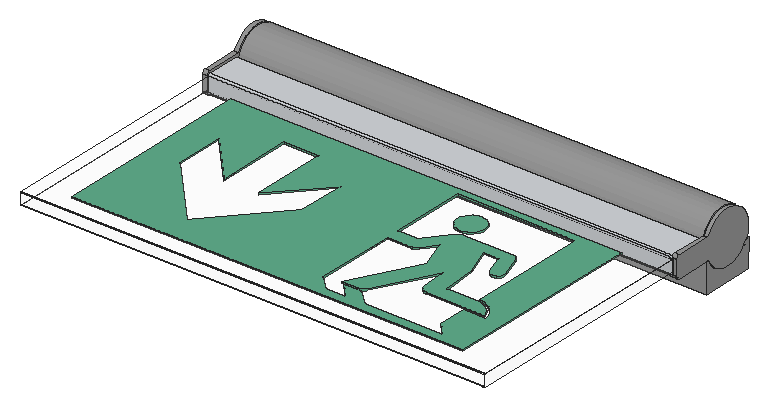
Revit family "41759", category Lighting Fixtures, host Face, Revit 2018
Family settings
  Host = Face
  Round Connector Dimension = Use Diameter
  Part Type = Normal
  OmniClass Number = 23.80.70.00
  OmniClass Title = Lighting
  Cut with Voids When Loaded = No
  Light Source = No
  Shared = No
  Room Calculation Point = No
Parameters (values of type "0041759 SYLSAFE EXIT-MOD EX 9 EM3 MT DA ")
  Width_SYL = 34 mm
  Weight = "n/a"
  Wattage Comments = ""
  WarrantyStartDate [instance] = "n/a"
  WarrantyGuarantorParts = "n/a"
  WarrantyDurationUnit = "n/a"
  WarrantyDurationParts = ""
  WarrantyDescription = "http://www.sylvania-lighting.com"
  Voltage = 0 V
  URL = "0.49"
  TypeSign_SYL = SylSafe EXIT Sign : Exit Arrow Down
  TypeName = "SylSafe Exit-Mod EX 9 EM3 MT DA"
  Type Image = <None>
  Type Comments = "n/a"
  SerialNumber [instance] = "n/a"
  RotationAngle_SYL [instance] = -90.00°
  RotatableArmThickness_SYL = 3 mm
  RadiusBody_SYL = Width_SYL / 2  # 17 mm
  Material_3_SYL = none
  PowerFactor = 0.6
  PowerConsumption = "Lighting"
  NominalLength = 101 mm
  NominalHeight = 234 mm
  NominalDepth = 18 mm
  Name = "SylSafe Exit-Mod EX 9 EM3 MT DA"
  ModelReference = Name  # "SylSafe Exit-Mod EX 9 EM3 MT DA"
  ModelNumber = "0041759"
  Model = Name  # "SylSafe Exit-Mod EX 9 EM3 MT DA"
  Material = "Feilo Sylvania"
  ManufacturerName = "0 lm/W"
  Manufacturer = ""
  LuminousEfficacy = ""
  LuminaireType = "0"
  LightOutputRatio = "LED"
  Length_SYL = 308 mm
  LampsType = Lamp  # "n/a"
  LampNominalLuminous = "0 K"
  LampMacAdamStep = "0"
  LampColourTemperature = "LED"
  LampColourRenderingIndex = "16500"
  Lamp = "n/a"
  Keynote = "n/a"
  InstallationDate [instance] = "n/a"
  InputVoltage = "0"
  InputNominalFrequency = "0"
  IngressProtection = "IfcLightFixtureType"
  ImpactProtectionIndex = "IfcLightFixtureType"
  IfcExportType = "IfcLightFixtureType"
  IfcExportAs = "Class II"
  ExpectedLife = 50000
  EndAngle_SYL [instance] = RotationAngle_SYL + 180.00°  # 90.00°
  ElectricShockClassification = "0"
  DurationUnit = "hours"
  DocumentationLiterature = "http://www.sylvania-lighting.com/product/en-int/products/0041759"
  DimmingControlOptions = "n/a"
  Material_2_SYL = none
  Description = "SylSafe Exit-Mod EX 9 EM3 MT DA is a wall mounted emergency exit sign. Comes with ISO7010 compliant legend pack. Arrows left, right, up, down and a blank sheet for single sided versions. EC legend pack is available as accessory. Viewing distance 26m. White housing colour.  Maintained 3hr emergency operation with NiMH rechargeable battery. Recharge period 24 hours. Self testing with DALI monitoring capability. 4.9W, IK03, IP20. Power Factor 0.49. Class II electrical construction."
  Default Elevation = 1219.2 mm
  CreatedOn = "30/06/2021"
  CreatedBy = "@sylvania-lighting.com"
  Cost = 0
  built-in parameter 1114216 [instance] = (empty or 0)
  ClassificationValue = "EF_70_80"
  ClassificationName = "Uniclass2015"
  Material_1_SYL = PC/ABS Plastic
  BarCode [instance] = "n/a"
  AssetType = "Fixed"
  AssetIdentifier [instance] = "n/a"
  Assembly Code = "D5020200"
  Apparent Load = 4.9 VA
  Material_4_SYL = none
Reference planes
  plane 1 "Center (Front/Back)": y = 0
  plane 2: z = 0
  plane 3 "Center (Left/Right)": x = 0
  plane 4: y = 17
  plane 5: y = -17
  plane 6: z = 25.937
  plane 7: x = -154
  plane 8: x = 154
  plane 9: x = -151
  plane 10: x = 151
  plane 11: z = 18.937
Forms (mm)
  Extrusion 1, solid, material "PC/ABS Plastic" <- "Material_1_SYL"
    sketch origin (0, 0, 0) x (0, 1, 0) y (0, 0, 1)
      loop
        line (-17, 0) -> (17, 0) -> (17, 25.937)
        arc (17, 25.937) -> (0, 42.937) -> (-17, 25.937) r 17
        line (-17, 25.937) -> (-17, 0)
    from -154 to 154
  Extrusion 2, void
    sketch origin (0, 0, 0) x (0, 1, 0) y (0, 0, 1)
      loop
        arc (-15.492, 18.937) -> (0, 8.937) -> (15.492, 18.937) r 17
        line (15.492, 18.937) -> (17, 18.937) -> (17, 25.937)
        arc (17, 25.937) -> (0, 42.937) -> (-17, 25.937) r 17
        line (-17, 25.937) -> (-17, 18.937) -> (-15.492, 18.937)
    from 151 to 154
  Extrusion 3, void
    sketch origin (0, 0, 0) x (0, 1, 0) y (0, 0, 1)
      loop
        arc (-15.492, 18.937) -> (0, 8.937) -> (15.492, 18.937) r 17
        line (15.492, 18.937) -> (17, 18.937) -> (17, 25.937)
        arc (17, 25.937) -> (0, 42.937) -> (-17, 25.937) r 17
        line (-17, 25.937) -> (-17, 18.937) -> (-15.492, 18.937)
    from -154 to -151
  Revolve 4, solid, not visible
    sketch origin (0, 1219.2, 25.937) x (1, 0, 0) y (0, 1, 0)
      loop
        line (0, -1219.2) -> (0, -1209.2) -> (-54.574, -1209.2) -> (-54.574, -1219.2) -> (0, -1219.2)
      axis (0, -1219.2) -> (-54.574, -1219.2)
    angle from -90 <- "RotationAngle_SYL" to 90 <- "EndAngle_SYL"
Cuts and joins
  Extrusion 2, Extrusion 3 cuts Extrusion 1
Lines and regions (mm)
  reference lines
    curve 1: circle (0, 0, 25.937) r 17 normal (1, 0, 0)
Dimensions and locks
  locked: plane 6 to plane 2 at 25.938
  equal spacing: plane 5, plane 1 "Center (Front/Back)", plane 4
  "Width_SYL": plane 5 to plane 4
  equal spacing: plane 8, plane 3 "Center (Left/Right)", plane 7
  equal spacing: plane 10, plane 3 "Center (Left/Right)", plane 9
  "Length_SYL": plane 8 to plane 7
  "RotatableArmThickness_SYL": plane 9 to plane 7
  locked: plane 11 to plane 6 at 7
  "RadiusBody_SYL": radius of curve 1
  aligned and locked: plane 2 to host face
  aligned and locked: level to host face
  aligned and locked: plane 1 "Center (Front/Back)" to curve 1
  aligned and locked: plane 6 to curve 1
  aligned and locked: Extrusion 1 sketch curve to level
  aligned and locked: Extrusion 1 sketch curve to plane 4
  aligned and locked: Extrusion 1 sketch curve to curve 1
  aligned and locked: plane 8 to Extrusion 1
  aligned and locked: Extrusion 1 to plane 7
  aligned and locked: plane 8 to Extrusion 2
  aligned and locked: Extrusion 2 to plane 10
  aligned and locked: Extrusion 3 to plane 7
  aligned and locked: plane 9 to Extrusion 3
  aligned and locked: Extrusion 3 sketch curve to curve 1
  aligned and locked: Extrusion 3 sketch curve to plane 4
  aligned and locked: Extrusion 3 sketch curve to plane 5
  aligned and locked: Extrusion 3 sketch curve to plane 11
  aligned and locked: Extrusion 2 sketch curve to curve 1
  aligned and locked: Extrusion 2 sketch curve to plane 4
  aligned and locked: Extrusion 2 sketch curve to plane 5
  aligned and locked: Extrusion 2 sketch curve to plane 11
  aligned and locked: plane 11 to Extrusion 2 sketch curve
  aligned and locked: Extrusion 2 sketch curve to cut or joined group of Extrusion 1, Extrusion 2, Extrusion 3
  aligned and locked: Revolve 4 sketch curve to plane 1 "Center (Front/Back)"
  aligned and locked: Revolve 4 sketch curve to curve 1  (x2)
  aligned and locked: nested 1 to plane 3 "Center (Left/Right)"
Automatic sketch dimensions
  host sketch curve to host sketch curve = 2438.4 mm  (x2)
  plane 6 to Extrusion 1 sketch curve = 0 mm
  plane 11 to Extrusion 3 sketch curve = 0 mm  (x2)
  Extrusion 3 sketch curve to plane 6 = 0 mm
  Extrusion 3 sketch curve to Extrusion 3 sketch curve = 0 mm
  plane 1 "Center (Front/Back)" to Revolve 4 sketch curve = 0 mm
  Revolve 4 sketch curve to plane 3 "Center (Left/Right)" = 54.574 mm
  plane 4 to Revolve 4 sketch curve = 7 mm
  Revolve 4 sketch curve to plane 7 = 1370 mm
  plane 8 to Revolve 4 sketch curve = 1370 mm
Nested families
  nested 1: "SylSafe EXIT Sign" at (0, 0, 25.937) x (-1, 0, 0) z (0, -1, 0), type <- "TypeSign_SYL", type "Exit Arrow Down"
    with built-in parameter 1114216 (empty or 0)
Definition of nested family "SylSafe EXIT Sign"
  Parameters (values of type "Exit Arrow Up")
    WidthArmSign_SYL = 34 mm
    Wattage Comments = "n/a"
    Wattage = 2.2 W
    built-in parameter 1150110 = 1 (stored number, unit not read)
    Up_SYL = yes
    URL = "http://www.sylvania-lighting.com"
    Type Image = (empty or 0)
    Type Comments = "n/a"
    built-in parameter 1114217 = 1 (stored number, unit not read)
    ThicknessLabel_SYL = 0.8 mm
    ThicknessArmSign_SYL = 3 mm
    built-in parameter 1150109 = 1 (stored number, unit not read)
    built-in parameter 1150134 = 5
    built-in parameter 1150113 = 1 (stored number, unit not read)
    Right_SYL = no
    RadiusArmSign_SYL = WidthArmSign_SYL / 2  # 17 mm
    Material_3_SYL = none
    Model = ""
    Manufacturer = "Feilo Sylvania"
    built-in parameter 1150105 = 70.028 (stored number, unit not read)
    Lumens = 220 lm
    built-in parameter 1150115 = 1 (stored number, unit not read)
    Light Source Symbol Size = 100 mm
    built-in parameter 1150137 = (empty or 0)
    built-in parameter 1150139 = (empty or 0)
    LengthSign_SYL = 308 mm
    Left_SYL = no
    built-in parameter 1150112 = 1 (stored number, unit not read)
    built-in parameter 1150114 = 1 (stored number, unit not read)
    Lamp = "LED"
    Keynote = "16500"
    Material_2_SYL = none
    built-in parameter 1150132 = (empty or 0)
    built-in parameter 1150102 = (empty or 0)
    built-in parameter 1150107 = 6000 (stored number, unit not read)
    built-in parameter 1150138 = (empty or 0)
    built-in parameter 1150106 = 0.70028 (stored number, unit not read)
    Emit from Line Length = LengthSign_SYL - 2 * ThicknessArmSign_SYL  # 302 mm
    built-in parameter 1150104 = 9.2903 (stored number, unit not read)
    Down_SYL = no
    Dimming Lamp Color Temperature Shift = (empty or 0)
    Description = ""
    Default Elevation = 1219.2 mm
    Cost = 0
    Color Filter = 16777215
    built-in parameter 1114216 [instance] = (empty or 0)
    Material_1_SYL = none
    built-in parameter 1114218 = 1 (stored number, unit not read)
    built-in parameter 1150133 = 10 (stored number, unit not read)
    Assembly Code = "D5020200"
    Apparent Load = 2.2 VA
    Material_4_SYL = none
  Types (4, lengths in mm): name | Up_SYL | Right_SYL | Left_SYL | Down_SYL | Apparent Load
    Exit Arrow Right | no | yes | no | no | 2.2 VA
    Exit Arrow Left | no | no | yes | no | 2.2 VA
    Exit Arrow Up | yes | no | no | no | 2.2 VA
    Exit Arrow Down | no | no | no | yes | 0 VA
  Reference planes
    plane 1 "Center (Front/Back)": y = 0
    plane 2: z = 0
    plane 3 "Center (Left/Right)": x = 0
    plane 4: x = 154
    plane 5: x = -154
    plane 6: x = -151
    plane 7: x = 151
    plane 8: y = 17
    plane 9: y = -17
    plane 10: y = -7
    plane 11: y = 7
    plane 12: z = 40.75
    plane 13: z = 192.937
    plane 14: y = 4
    plane 15: y = -4
    plane 16: z = 17.812
    plane 17: y = -6
    plane 18: y = 6
    plane 19: x = -127
    plane 20: x = 127
    plane 21: z = 116.844
    plane 22: z = 181.344
    plane 23: z = 52.344
    plane 24: x = 69
    plane 25: y = -4.8
  Forms (mm)
    Extrusion 1, solid
      sketch origin (4.2, 0, 0) x (1, 0, 0) y (0, 1, 0)
        loop
          line (-1219.2, 1219.2) -> (-1219.2, -1219.2) -> (1219.2, -1219.2) -> (1219.2, 1219.2) -> (-1219.2, 1219.2)
      from 0 to -68.017
    Extrusion 2, solid, material <- "Material_1_SYL"
      sketch origin (0, 0, 0) x (0, 1, 0) y (0, 0, 1)
        loop
          arc (-7, 15.492) -> (0, -17) -> (7, 15.492) r 17
          line (7, 15.492) -> (7, 38.75)
          arc (7, 38.75) -> (6.414, 40.164) -> (5, 40.75) r 2
          line (5, 40.75) -> (-5, 40.75)
          arc (-5, 40.75) -> (-6.414, 40.164) -> (-7, 38.75) r 2
          line (-7, 38.75) -> (-7, 15.492)
      from 151 to 154
    Extrusion 3, solid, material <- "Material_1_SYL"
      sketch origin (0, 0, 0) x (0, 1, 0) y (0, 0, 1)
        loop
          line (7, 15.492) -> (7, 38.75)
          arc (7, 38.75) -> (6.414, 40.164) -> (5, 40.75) r 2
          line (5, 40.75) -> (-5, 40.75)
          arc (-5, 40.75) -> (-6.414, 40.164) -> (-7, 38.75) r 2
          line (-7, 38.75) -> (-7, 15.492)
          arc (-7, 15.492) -> (0, -17) -> (7, 15.492) r 17
      from -154 to -151
    Extrusion 4, solid
      sketch origin (0, 0, 0) x (0, 1, 0) y (0, 0, 1)
        loop
          arc (-5, 40.75) -> (-5.707, 40.457) -> (-6, 39.75) r 1
          line (-6, 39.75) -> (-6, 17.812) -> (6, 17.812) -> (6, 39.75)
          arc (6, 39.75) -> (5.707, 40.457) -> (5, 40.75) r 1
          line (5, 40.75) -> (-5, 40.75)
      from -151 to 151
    Extrusion 5, solid, material <- "Material_3_SYL"
      sketch origin (0, 0, 0) x (0, 1, 0) y (0, 0, 1)
        loop
          line (-4, 40.75) -> (4, 40.75) -> (4, 192.437)
          arc (4, 192.437) -> (3.854, 192.791) -> (3.5, 192.937) r 0.5
          line (3.5, 192.937) -> (-3.5, 192.937)
          arc (-3.5, 192.937) -> (-3.854, 192.791) -> (-4, 192.437) r 0.5
          line (-4, 192.437) -> (-4, 40.75)
      from -151 to 151
    Extrusion 6, solid, material <- "Material_2_SYL", visible <- "Left_SYL"
      sketch origin (351.989, -4, 160.163) x (0, 0, -1) y (1, 0, 0)
        loop
          circle (83.224, -400.985) r 8.928
        loop
          line (103.064, -376.624) -> (54.298, -376.624) -> (54.298, -389.842) -> (68.839, -400.8)
          arc (68.839, -400.8) -> (70.752, -403.1) -> (71.438, -406.013) r 6.527
          line (71.438, -406.013) -> (71.438, -437.202)
          arc (71.438, -437.202) -> (70.533, -440.07) -> (68.148, -441.9) r 5
          line (68.148, -441.9) -> (54.122, -447.006)
          arc (54.122, -447.006) -> (48.704, -444.479) -> (51.23, -439.062) r 4.227
          line (51.23, -439.062) -> (63.917, -434.444) -> (63.917, -424.745) -> (45.498, -431.449) -> (22.611, -433.451) -> (22.611, -453.451)
          arc (22.611, -453.451) -> (20.093, -461.05) -> (13.536, -465.642) r 12.726
          line (13.536, -465.642) -> (13.536, -427.917)
          arc (13.536, -427.917) -> (14.85, -424.539) -> (18.101, -422.936) r 5
          line (18.101, -422.936) -> (34.389, -421.511) -> (-1.786, -402.276)
          arc (-1.786, -402.276) -> (-3.724, -400.437) -> (-4.439, -397.862) r 5
          line (-4.439, -397.862) -> (-4.439, -387.433) -> (36.957, -409.444) -> (56.364, -402.38) -> (48.001, -396.079)
          arc (48.001, -396.079) -> (46.372, -394.119) -> (45.788, -391.639) r 5.559
          line (45.788, -391.639) -> (45.788, -376.624) -> (-6.717, -376.624) -> (-15.183, -385.09) -> (-15.183, -398.574) -> (-6.18, -389.57) -> (-6.18, -399.078)
          arc (-6.18, -399.078) -> (-6.609, -401.235) -> (-7.83, -403.063) r 5.636
          line (-7.83, -403.063) -> (-15.183, -410.416) -> (-15.183, -461.609) -> (-7.025, -453.451) -> (11.73, -453.451) -> (11.73, -468.109)
          arc (11.73, -468.109) -> (20.743, -463.076) -> (24.473, -453.451) r 15.223
          line (24.473, -453.451) -> (103.064, -453.451) -> (103.064, -376.624)
        loop
          line (107.819, -224.989) -> (-21.181, -224.989) -> (-21.181, -478.989) -> (107.819, -478.989) -> (107.819, -224.989)
        loop
          line (54.815, -332.184) -> (54.815, -282.989) -> (82.944, -314.229) -> (82.944, -282.989) -> (43.319, -238.982) -> (3.695, -282.989) -> (3.695, -314.229) -> (31.823, -282.989) -> (31.823, -332.184) -> (54.815, -332.184)
      from 0 to 0.8
    Extrusion 7, solid, material <- "Material_2_SYL", visible <- "Up_SYL"
      sketch origin (0, -4, -609.6) x (0, 0, -1) y (1, 0, 0)
        loop
          line (-784.946, -33.101) -> (-784.946, -46.585) -> (-775.943, -37.581) -> (-775.943, -47.089)
          arc (-775.943, -47.089) -> (-776.372, -49.246) -> (-777.593, -51.074) r 5.636
          line (-777.593, -51.074) -> (-784.946, -58.427) -> (-784.946, -109.62) -> (-776.788, -101.462) -> (-758.032, -101.462) -> (-758.032, -116.12)
          arc (-758.032, -116.12) -> (-749.02, -111.087) -> (-745.29, -101.462) r 15.223
          line (-745.29, -101.462) -> (-666.699, -101.462) -> (-666.699, -24.635) -> (-715.465, -24.635) -> (-715.465, -37.853) -> (-700.924, -48.811)
          arc (-700.924, -48.811) -> (-699.011, -51.111) -> (-698.325, -54.024) r 6.527
          line (-698.325, -54.024) -> (-698.325, -85.213)
          arc (-698.325, -85.213) -> (-699.23, -88.081) -> (-701.615, -89.912) r 5
          line (-701.615, -89.912) -> (-715.641, -95.017)
          arc (-715.641, -95.017) -> (-721.059, -92.49) -> (-718.533, -87.073) r 4.227
          line (-718.533, -87.073) -> (-705.846, -82.455) -> (-705.846, -72.756) -> (-724.265, -79.46) -> (-747.152, -81.462) -> (-747.152, -101.462)
          arc (-747.152, -101.462) -> (-749.67, -109.061) -> (-756.227, -113.653) r 12.726
          line (-756.227, -113.653) -> (-756.227, -75.928)
          arc (-756.227, -75.928) -> (-754.913, -72.55) -> (-751.662, -70.947) r 5
          line (-751.662, -70.947) -> (-735.374, -69.522) -> (-771.549, -50.287)
          arc (-771.549, -50.287) -> (-773.487, -48.448) -> (-774.202, -45.873) r 5
          line (-774.202, -45.873) -> (-774.202, -35.444) -> (-732.806, -57.455) -> (-713.399, -50.391) -> (-721.762, -44.09)
          arc (-721.762, -44.09) -> (-723.391, -42.13) -> (-723.975, -39.65) r 5.559
          line (-723.975, -39.65) -> (-723.975, -24.635) -> (-776.48, -24.635) -> (-784.946, -33.101)
        loop
          circle (-686.539, -48.996) r 8.928
        loop
          line (-723.85, 77.902) -> (-773.045, 77.902) -> (-773.045, 54.91) -> (-723.85, 54.91) -> (-755.09, 26.782) -> (-723.85, 26.782) -> (-679.843, 66.406) -> (-723.85, 106.031) -> (-755.09, 106.031) -> (-723.85, 77.902)
        loop
          line (-790.944, -127) -> (-661.944, -127) -> (-661.944, 127) -> (-790.944, 127) -> (-790.944, -127)
      from 0 to 0.8
    Extrusion 8, solid, material <- "Material_2_SYL", visible <- "Down_SYL"
      sketch origin (0, -4, -609.6) x (0, 0, -1) y (1, 0, 0)
        loop
          line (-715.465, -37.853) -> (-700.924, -48.811)
          arc (-700.924, -48.811) -> (-699.011, -51.111) -> (-698.325, -54.024) r 6.527
          line (-698.325, -54.024) -> (-698.325, -85.213)
          arc (-698.325, -85.213) -> (-699.23, -88.081) -> (-701.615, -89.912) r 5
          line (-701.615, -89.912) -> (-715.641, -95.017)
          arc (-715.641, -95.017) -> (-721.059, -92.49) -> (-718.533, -87.073) r 4.227
          line (-718.533, -87.073) -> (-705.846, -82.455) -> (-705.846, -72.756) -> (-724.265, -79.46) -> (-747.152, -81.462) -> (-747.152, -101.462)
          arc (-747.152, -101.462) -> (-749.67, -109.061) -> (-756.227, -113.653) r 12.726
          line (-756.227, -113.653) -> (-756.227, -75.928)
          arc (-756.227, -75.928) -> (-754.913, -72.55) -> (-751.662, -70.947) r 5
          line (-751.662, -70.947) -> (-735.374, -69.522) -> (-771.549, -50.287)
          arc (-771.549, -50.287) -> (-773.487, -48.448) -> (-774.202, -45.873) r 5
          line (-774.202, -45.873) -> (-774.202, -35.444) -> (-732.806, -57.455) -> (-713.399, -50.391) -> (-721.762, -44.09)
          arc (-721.762, -44.09) -> (-723.391, -42.13) -> (-723.975, -39.65) r 5.559
          line (-723.975, -39.65) -> (-723.975, -24.635) -> (-776.48, -24.635) -> (-784.946, -33.101) -> (-784.946, -46.585) -> (-775.943, -37.581) -> (-775.943, -47.089)
          arc (-775.943, -47.089) -> (-776.372, -49.246) -> (-777.593, -51.074) r 5.636
          line (-777.593, -51.074) -> (-784.946, -58.427) -> (-784.946, -109.62) -> (-776.788, -101.462) -> (-758.032, -101.462) -> (-758.032, -116.12)
          arc (-758.032, -116.12) -> (-749.02, -111.087) -> (-745.29, -101.462) r 15.223
          line (-745.29, -101.462) -> (-666.699, -101.462) -> (-666.699, -24.635) -> (-715.465, -24.635) -> (-715.465, -37.853)
        loop
          circle (-686.539, -48.996) r 8.928
        loop
          line (-790.944, -127) -> (-661.944, -127) -> (-661.944, 127) -> (-790.944, 127) -> (-790.944, -127)
        loop
          line (-679.843, 54.91) -> (-679.843, 77.902) -> (-729.038, 77.902) -> (-697.798, 106.031) -> (-729.038, 106.031) -> (-773.045, 66.406) -> (-729.038, 26.782) -> (-697.798, 26.782) -> (-729.038, 54.91) -> (-679.843, 54.91)
      from 0 to 0.8
    Extrusion 9, solid, material <- "Material_2_SYL", visible <- "Right_SYL"
      sketch origin (0, -4, -609.6) x (0, 0, -1) y (1, 0, 0)
        loop
          line (-732.806, 57.455) -> (-774.202, 35.444) -> (-774.202, 45.873)
          arc (-774.202, 45.873) -> (-773.487, 48.448) -> (-771.549, 50.287) r 5
          line (-771.549, 50.287) -> (-735.374, 69.522) -> (-751.662, 70.947)
          arc (-751.662, 70.947) -> (-754.913, 72.55) -> (-756.227, 75.928) r 5
          line (-756.227, 75.928) -> (-756.227, 113.653)
          arc (-756.227, 113.653) -> (-749.67, 109.061) -> (-747.152, 101.462) r 12.726
          line (-747.152, 101.462) -> (-747.152, 81.462) -> (-724.265, 79.46) -> (-705.846, 72.756) -> (-705.846, 82.455) -> (-718.533, 87.073)
          arc (-718.533, 87.073) -> (-721.059, 92.49) -> (-715.641, 95.017) r 4.227
          line (-715.641, 95.017) -> (-701.615, 89.912)
          arc (-701.615, 89.912) -> (-699.23, 88.081) -> (-698.325, 85.213) r 5
          line (-698.325, 85.213) -> (-698.325, 54.024)
          arc (-698.325, 54.024) -> (-699.011, 51.111) -> (-700.924, 48.811) r 6.527
          line (-700.924, 48.811) -> (-715.465, 37.853) -> (-715.465, 24.635) -> (-666.699, 24.635) -> (-666.699, 101.462) -> (-745.29, 101.462)
          arc (-745.29, 101.462) -> (-749.02, 111.087) -> (-758.032, 116.12) r 15.223
          line (-758.032, 116.12) -> (-758.032, 101.462) -> (-776.788, 101.462) -> (-784.946, 109.62) -> (-784.946, 58.427) -> (-777.593, 51.074)
          arc (-777.593, 51.074) -> (-776.372, 49.246) -> (-775.943, 47.089) r 5.636
          line (-775.943, 47.089) -> (-775.943, 37.581) -> (-784.946, 46.585) -> (-784.946, 33.101) -> (-776.48, 24.635) -> (-723.975, 24.635) -> (-723.975, 39.65)
          arc (-723.975, 39.65) -> (-723.391, 42.13) -> (-721.762, 44.09) r 5.559
          line (-721.762, 44.09) -> (-713.399, 50.391) -> (-732.806, 57.455)
        loop
          circle (-686.539, 48.996) r 8.928
        loop
          line (-766.068, -37.76) -> (-766.068, -69) -> (-726.444, -113.007) -> (-686.819, -69) -> (-686.819, -37.76) -> (-714.948, -69) -> (-714.948, -19.805) -> (-737.94, -19.805) -> (-737.94, -69) -> (-766.068, -37.76)
        loop
          line (-790.944, -127) -> (-661.944, -127) -> (-661.944, 127) -> (-790.944, 127) -> (-790.944, -127)
      from 0 to 0.8
  Lines and regions (mm)
    reference lines
      curve 1: circle (0, 0, 0) r 17 normal (1, 0, 0)
  Dimensions and locks
    equal spacing: plane 4, plane 3 "Center (Left/Right)", plane 5
    "LengthSign_SYL": plane 4 to plane 5
    equal spacing: plane 7, plane 3 "Center (Left/Right)", plane 6
    "ThicknessArmSign_SYL": plane 6 to plane 5
    equal spacing: plane 9, plane 1 "Center (Front/Back)", plane 8
    "WidthArmSign_SYL": plane 9 to plane 8
    equal spacing: plane 10, plane 1 "Center (Front/Back)", plane 11
    locked: plane 10 to plane 11 at 14
    equal spacing: plane 15, plane 1 "Center (Front/Back)", plane 14
    locked: plane 15 to plane 14 at 8
    locked: plane 12 to plane 2 at 40.75
    locked: plane 16 to plane 12 at 22.937
    equal spacing: plane 17, plane 1 "Center (Front/Back)", plane 18
    locked: plane 10 to plane 17 at 1
    equal spacing: plane 13, plane 21, plane 12
    equal spacing: plane 20, plane 3 "Center (Left/Right)", plane 19
    locked: plane 20 to plane 19 at 254
    equal spacing: plane 22, plane 21, plane 23
    locked: plane 22 to plane 23 at 129
    locked: plane 20 to plane 24 at 58
    "ThicknessLabel_SYL": plane 25 to plane 15
    "RadiusArmSign_SYL": radius of curve 1
    aligned and locked: plane 2 to Extrusion 1
    aligned and locked: level to Extrusion 1
    aligned and locked: plane 1 "Center (Front/Back)" to curve 1
    aligned and locked: plane 2 to curve 1
    aligned and locked: Extrusion 2 sketch curve to curve 1
    aligned and locked: Extrusion 2 sketch curve to plane 11
    aligned and locked: Extrusion 2 sketch curve to plane 10
    aligned and locked: Extrusion 2 sketch curve to plane 12
    aligned and locked: plane 4 to Extrusion 2
    aligned and locked: Extrusion 2 to plane 7
    aligned and locked: Extrusion 3 sketch curve to Extrusion 2  (x4)
    aligned and locked: Extrusion 3 to plane 5
    aligned and locked: plane 6 to Extrusion 3
    aligned and locked: plane 12 to Extrusion 4 sketch curve
    aligned and locked: Extrusion 4 sketch curve to plane 17
    aligned and locked: Extrusion 4 sketch curve to plane 16
    aligned and locked: plane 18 to Extrusion 4 sketch curve
    aligned and locked: plane 7 to Extrusion 4
    aligned and locked: Extrusion 4 to plane 6
    aligned and locked: plane 12 to Extrusion 5 sketch curve
    aligned and locked: plane 15 to Extrusion 5 sketch curve
    aligned and locked: Extrusion 5 sketch curve to plane 13
    aligned and locked: Extrusion 5 sketch curve to plane 14
    aligned and locked: plane 7 to Extrusion 5
    aligned and locked: Extrusion 5 to plane 6
    aligned and locked: Extrusion 6 to plane 22
    aligned and locked: Extrusion 6 to plane 19
    aligned and locked: plane 20 to Extrusion 6
    aligned and locked: plane 23 to Extrusion 6
    aligned and locked: plane 24 to Extrusion 6 sketch curve
    aligned and locked: plane 21 to Extrusion 6 sketch curve
    aligned and locked: Extrusion 7 sketch curve to Extrusion 6  (x13)
    aligned and locked: Extrusion 6 to Extrusion 7
    aligned and locked: Extrusion 7 to plane 15
    aligned and locked: plane 19 to Extrusion 7 sketch curve
    aligned and locked: plane 22 to Extrusion 7 sketch curve
    aligned and locked: Extrusion 7 sketch curve to plane 23
    aligned and locked: Extrusion 7 sketch curve to plane 20
    aligned and locked: plane 25 to Extrusion 7
    aligned and locked: Extrusion 7 to Extrusion 5
    aligned and locked: Extrusion 8 sketch curve to Extrusion 7  (x37)
    aligned and locked: Extrusion 8 to plane 15
    aligned and locked: plane 25 to Extrusion 8
    aligned and locked: Extrusion 9 sketch curve to Extrusion 6  (x4)
    aligned and locked: Extrusion 9 to plane 15
    aligned and locked: Extrusion 9 to Extrusion 5
    aligned and locked: plane 25 to Extrusion 9
    aligned and locked: plane 12 to imposter light
    aligned and locked: plane 3 "Center (Left/Right)" to imposter light
    aligned and locked: plane 1 "Center (Front/Back)" to imposter light
  Automatic sketch dimensions
    Extrusion 1 sketch curve to Extrusion 1 sketch curve = 2438.4 mm  (x2)
    plane 15 to Extrusion 2 sketch curve = 1 mm
    Extrusion 2 sketch curve to plane 14 = 1 mm
    plane 12 to Extrusion 4 sketch curve = 1 mm
    Extrusion 4 sketch curve to plane 14 = 1 mm
    Extrusion 5 sketch curve to Extrusion 5 sketch curve = 0.5 mm  (x2)
    Extrusion 5 to Extrusion 6 sketch curve = 69.231 mm
    Extrusion 6 sketch curve to Extrusion 6 sketch curve = 2.568 mm
    Extrusion 6 sketch curve to Extrusion 6 sketch curve = 11.496 mm
    Extrusion 6 sketch curve to Extrusion 6 sketch curve = 9.916 mm
    Extrusion 6 sketch curve to Extrusion 6 sketch curve = 1.862 mm
    Extrusion 6 sketch curve to Extrusion 6 sketch curve = 4.075 mm
    Extrusion 6 sketch curve to Extrusion 6 sketch curve = 0.436 mm
    Extrusion 6 sketch curve to Extrusion 6 sketch curve = 9.075 mm
    Extrusion 6 sketch curve to Extrusion 6 sketch curve = 10.88 mm
    Extrusion 6 sketch curve to Extrusion 6 sketch curve = 1.845 mm
    Extrusion 6 sketch curve to Extrusion 6 sketch curve = 0.631 mm
    Extrusion 6 sketch curve to Extrusion 6 sketch curve = 28.129 mm  (x2)
    Extrusion 6 sketch curve to Extrusion 6 sketch curve = 17.539 mm
    Extrusion 6 sketch curve to Extrusion 6 sketch curve = 2.347 mm
    Extrusion 6 sketch curve to Extrusion 6 sketch curve = 5 mm  (x2)
    Extrusion 6 sketch curve to Extrusion 6 sketch curve = 1.741 mm
    Extrusion 6 sketch curve to Extrusion 6 sketch curve = 2.278 mm
    Extrusion 6 sketch curve to Extrusion 6 sketch curve = 16.279 mm
    Extrusion 6 sketch curve to Extrusion 6 sketch curve = 1.651 mm
    Extrusion 6 sketch curve to Extrusion 6 sketch curve = 3.985 mm
    Extrusion 6 sketch curve to Extrusion 6 sketch curve = 8.158 mm  (x2)
    Extrusion 6 sketch curve to Extrusion 6 sketch curve = 3.367 mm
    Extrusion 5 to Extrusion 6 sketch curve = 11.094 mm
    Extrusion 6 sketch curve to Extrusion 6 sketch curve = 11.109 mm
    Extrusion 6 sketch curve to Extrusion 6 sketch curve = 8.831 mm
    Extrusion 6 sketch curve to Extrusion 6 sketch curve = 2.214 mm
    Extrusion 6 sketch curve to Extrusion 6 sketch curve = 5.733 mm
    Extrusion 6 sketch curve to Extrusion 6 sketch curve = 3.346 mm
    Extrusion 6 sketch curve to Extrusion 6 sketch curve = 1.446 mm  (x2)
    Extrusion 6 sketch curve to Extrusion 6 sketch curve = 2.95 mm
    Extrusion 6 sketch curve to Extrusion 6 sketch curve = 22.992 mm
    Extrusion 6 sketch curve to Extrusion 6 sketch curve = 8.362 mm
    Extrusion 6 sketch curve to Extrusion 6 sketch curve = 12.686 mm
    Extrusion 6 sketch curve to Extrusion 6 sketch curve = 8.547 mm
    Extrusion 6 sketch curve to Extrusion 6 sketch curve = 2.521 mm
    Extrusion 6 sketch curve to Extrusion 6 sketch curve = 1.71 mm
    Extrusion 6 sketch curve to Extrusion 6 sketch curve = 3.928 mm
    Extrusion 6 sketch curve to Extrusion 6 sketch curve = 11.787 mm
    Extrusion 6 sketch curve to Extrusion 5 = 16.349 mm
    Extrusion 6 sketch curve to Extrusion 5 = 11.594 mm
    Extrusion 6 sketch curve to Extrusion 6 sketch curve = 0 mm  (x5)
    Extrusion 6 sketch curve to Extrusion 6 sketch curve = 31.24 mm  (x2)
    Extrusion 6 sketch curve to Extrusion 6 sketch curve = 62.395 mm
    Extrusion 6 sketch curve to Extrusion 6 sketch curve = 8.466 mm
    Extrusion 6 sketch curve to Extrusion 6 sketch curve = 2.343 mm
    Extrusion 6 sketch curve to Extrusion 6 sketch curve = 2.137 mm
    Extrusion 6 sketch curve to Extrusion 6 sketch curve = 13.219 mm
    Extrusion 6 sketch curve to Extrusion 6 sketch curve = 1.796 mm
    Extrusion 6 sketch curve to Extrusion 6 sketch curve = 8.291 mm
    Extrusion 6 sketch curve to Extrusion 6 sketch curve = 0.712 mm
    Extrusion 6 sketch curve to Extrusion 6 sketch curve = 1.216 mm
    Extrusion 6 sketch curve to Extrusion 6 sketch curve = 10.957 mm
    Extrusion 6 sketch curve to Extrusion 6 sketch curve = 5.027 mm
    Extrusion 6 sketch curve to Extrusion 6 sketch curve = 3.633 mm
    Extrusion 6 sketch curve to Extrusion 6 sketch curve = 13.365 mm
    Extrusion 6 sketch curve to Extrusion 6 sketch curve = 7.353 mm
    Extrusion 6 sketch curve to Extrusion 6 sketch curve = 12.067 mm
    Extrusion 6 sketch curve to Extrusion 6 sketch curve = 1.425 mm
    Extrusion 6 sketch curve to Extrusion 6 sketch curve = 18.732 mm
    Extrusion 6 sketch curve to Extrusion 6 sketch curve = 9.938 mm
    Extrusion 6 sketch curve to Extrusion 6 sketch curve = 5.534 mm
    Extrusion 6 sketch curve to Extrusion 6 sketch curve = 9.699 mm
    Extrusion 6 sketch curve to Extrusion 6 sketch curve = 2.758 mm
    Extrusion 6 sketch curve to Extrusion 6 sketch curve = 7.613 mm
    Extrusion 6 sketch curve to Extrusion 6 sketch curve = 3.972 mm
    Extrusion 6 sketch curve to Extrusion 6 sketch curve = 19.638 mm
    Extrusion 6 sketch curve to Extrusion 6 sketch curve = 0.362 mm
    Extrusion 6 sketch curve to Extrusion 6 sketch curve = 16.249 mm
    Extrusion 5 to Extrusion 6 sketch curve = 24 mm  (x2)
    Extrusion 5 to Extrusion 6 sketch curve = 37.993 mm
    Extrusion 6 sketch curve to Extrusion 6 sketch curve = 17.955 mm
    Extrusion 7 sketch curve to Extrusion 7 sketch curve = 1.651 mm
    Extrusion 7 sketch curve to Extrusion 7 sketch curve = 8.158 mm
    Extrusion 7 sketch curve to Extrusion 7 sketch curve = 2.278 mm
    plane 24 to Extrusion 7 sketch curve = 8.902 mm
    plane 22 to Extrusion 7 sketch curve = 17.899 mm
    Extrusion 7 sketch curve to Extrusion 7 sketch curve = 2.347 mm
    Extrusion 7 sketch curve to Extrusion 7 sketch curve = 4.283 mm
    Extrusion 7 sketch curve to Extrusion 7 sketch curve = 0.631 mm
    Extrusion 7 sketch curve to Extrusion 7 sketch curve = 1.845 mm
    Extrusion 7 sketch curve to plane 21 = 28.646 mm  (x2)
    Extrusion 7 sketch curve to Extrusion 7 sketch curve = 4.564 mm
    Extrusion 7 sketch curve to Extrusion 7 sketch curve = 0.436 mm
    Extrusion 7 sketch curve to Extrusion 7 sketch curve = 10.88 mm
    Extrusion 7 sketch curve to Extrusion 7 sketch curve = 1.862 mm
    Extrusion 7 sketch curve to plane 21 = 8.93 mm
    Extrusion 7 sketch curve to plane 21 = 6.362 mm
    plane 21 to Extrusion 7 sketch curve = 2.179 mm
    plane 21 to Extrusion 7 sketch curve = 2.469 mm
    plane 21 to Extrusion 7 sketch curve = 2.594 mm  (x4)
    plane 21 to Extrusion 7 sketch curve = 4.682 mm
    plane 21 to Extrusion 7 sketch curve = 7.911 mm
    Extrusion 7 sketch curve to Extrusion 7 sketch curve = 5.559 mm
    Extrusion 7 sketch curve to Extrusion 7 sketch curve = 1.446 mm  (x2)
    Extrusion 7 sketch curve to Extrusion 7 sketch curve = 8.51 mm
    Extrusion 7 sketch curve to Extrusion 7 sketch curve = 8.362 mm
    Extrusion 7 sketch curve to Extrusion 7 sketch curve = 12.686 mm
    Extrusion 7 sketch curve to Extrusion 7 sketch curve = 8.547 mm
    Extrusion 7 sketch curve to Extrusion 7 sketch curve = 2.521 mm
    Extrusion 7 sketch curve to Extrusion 7 sketch curve = 1.71 mm
    Extrusion 7 sketch curve to Extrusion 7 sketch curve = 5.458 mm
    Extrusion 7 sketch curve to Extrusion 7 sketch curve = 2.859 mm
    Extrusion 7 sketch curve to plane 24 = 2.594 mm
    Extrusion 7 sketch curve to plane 23 = 17.899 mm
    Extrusion 7 sketch curve to plane 23 = 4.755 mm
    plane 19 to Extrusion 7 sketch curve = 10.88 mm
    Extrusion 7 sketch curve to Extrusion 7 sketch curve = 2.467 mm
    Extrusion 7 sketch curve to Extrusion 7 sketch curve = 0 mm  (x2)
    Extrusion 7 sketch curve to Extrusion 7 sketch curve = 6.446 mm
    Extrusion 7 sketch curve to Extrusion 7 sketch curve = 3.972 mm
    Extrusion 7 sketch curve to Extrusion 7 sketch curve = 5.105 mm
    Extrusion 7 sketch curve to Extrusion 7 sketch curve = 2.758 mm
    Extrusion 7 sketch curve to Extrusion 7 sketch curve = 11.94 mm
    Extrusion 7 sketch curve to Extrusion 7 sketch curve = 7.613 mm
    Extrusion 7 sketch curve to Extrusion 7 sketch curve = 5.534 mm
    Extrusion 7 sketch curve to Extrusion 7 sketch curve = 9.699 mm
    Extrusion 7 sketch curve to Extrusion 7 sketch curve = 12.067 mm
    Extrusion 7 sketch curve to Extrusion 7 sketch curve = 5.027 mm
    Extrusion 7 sketch curve to Extrusion 7 sketch curve = 3.633 mm
    Extrusion 7 sketch curve to Extrusion 7 sketch curve = 6.301 mm
    Extrusion 7 sketch curve to Extrusion 7 sketch curve = 1.796 mm
    Extrusion 7 sketch curve to Extrusion 7 sketch curve = 2.137 mm
    plane 3 "Center (Left/Right)" to Extrusion 7 sketch curve = 26.782 mm
    Extrusion 7 sketch curve to plane 24 = 14.09 mm
    Extrusion 7 sketch curve to plane 20 = 20.969 mm
    Extrusion 8 sketch curve to Extrusion 8 sketch curve = 1.651 mm
    Extrusion 8 sketch curve to plane 24 = 2.594 mm
    plane 22 to Extrusion 8 sketch curve = 17.899 mm
    Extrusion 8 sketch curve to Extrusion 8 sketch curve = 2.347 mm
    Extrusion 8 sketch curve to Extrusion 8 sketch curve = 0.436 mm
    Extrusion 8 sketch curve to plane 21 = 8.93 mm
    Extrusion 8 sketch curve to plane 21 = 2.594 mm  (x4)
    plane 21 to Extrusion 8 sketch curve = 4.682 mm
    Extrusion 8 sketch curve to Extrusion 8 sketch curve = 1.446 mm  (x2)
    Extrusion 8 sketch curve to Extrusion 8 sketch curve = 8.547 mm
    Extrusion 8 sketch curve to Extrusion 8 sketch curve = 1.71 mm
    Extrusion 8 sketch curve to Extrusion 8 sketch curve = 5.458 mm
    plane 21 to Extrusion 8 sketch curve = 28.646 mm  (x2)
    Extrusion 8 sketch curve to plane 23 = 17.899 mm
    Extrusion 8 sketch curve to Extrusion 8 sketch curve = 1.796 mm
    plane 3 "Center (Left/Right)" to Extrusion 8 sketch curve = 26.782 mm
    Extrusion 8 sketch curve to plane 24 = 14.09 mm
    plane 24 to Extrusion 8 sketch curve = 8.902 mm
    Extrusion 8 sketch curve to plane 20 = 20.969 mm
    Extrusion 9 sketch curve to plane 21 = 0 mm
    plane 22 to Extrusion 9 sketch curve = 5.998 mm  (x2)
    Extrusion 9 sketch curve to Extrusion 9 sketch curve = 3.367 mm
    Extrusion 9 sketch curve to Extrusion 9 sketch curve = 3.985 mm
    Extrusion 9 sketch curve to Extrusion 9 sketch curve = 8.158 mm  (x2)
    Extrusion 9 sketch curve to Extrusion 9 sketch curve = 8.466 mm  (x2)
    Extrusion 9 sketch curve to Extrusion 9 sketch curve = 9.003 mm
    Extrusion 9 sketch curve to Extrusion 9 sketch curve = 1.741 mm
    Extrusion 9 sketch curve to Extrusion 9 sketch curve = 2.653 mm
    Extrusion 9 sketch curve to Extrusion 9 sketch curve = 2.347 mm
    plane 22 to Extrusion 9 sketch curve = 24.876 mm
    Extrusion 9 sketch curve to Extrusion 9 sketch curve = 16.279 mm
    Extrusion 9 sketch curve to Extrusion 9 sketch curve = 0.631 mm
    Extrusion 9 sketch curve to Extrusion 9 sketch curve = 1.845 mm
    plane 24 to Extrusion 9 sketch curve = 6.928 mm
    Extrusion 9 sketch curve to Extrusion 9 sketch curve = 4.283 mm
    plane 24 to Extrusion 9 sketch curve = 1.947 mm
    Extrusion 9 sketch curve to Extrusion 9 sketch curve = 4.564 mm
    Extrusion 9 sketch curve to Extrusion 9 sketch curve = 10.88 mm
    Extrusion 9 sketch curve to Extrusion 9 sketch curve = 1.862 mm
    Extrusion 9 sketch curve to plane 21 = 11.496 mm
    plane 24 to Extrusion 9 sketch curve = 0.522 mm
    Extrusion 9 sketch curve to plane 21 = 8.93 mm
    Extrusion 9 sketch curve to plane 21 = 6.362 mm
    plane 21 to Extrusion 9 sketch curve = 2.179 mm
    plane 21 to Extrusion 9 sketch curve = 2.469 mm
    plane 21 to Extrusion 9 sketch curve = 4.682 mm
    plane 21 to Extrusion 9 sketch curve = 7.911 mm
    Extrusion 9 sketch curve to Extrusion 9 sketch curve = 5.559 mm
    Extrusion 9 sketch curve to Extrusion 9 sketch curve = 1.446 mm  (x2)
    Extrusion 9 sketch curve to Extrusion 9 sketch curve = 2.95 mm
    plane 21 to Extrusion 9 sketch curve = 11.496 mm
    Extrusion 9 sketch curve to Extrusion 9 sketch curve = 8.362 mm
    plane 24 to Extrusion 9 sketch curve = 3.756 mm
    Extrusion 9 sketch curve to Extrusion 9 sketch curve = 12.686 mm
    Extrusion 9 sketch curve to Extrusion 9 sketch curve = 8.547 mm
    Extrusion 9 sketch curve to Extrusion 9 sketch curve = 2.521 mm
    Extrusion 9 sketch curve to Extrusion 9 sketch curve = 1.71 mm
    Extrusion 9 sketch curve to Extrusion 9 sketch curve = 3.928 mm
    Extrusion 9 sketch curve to Extrusion 9 sketch curve = 5 mm
    Extrusion 9 sketch curve to plane 23 = 24.876 mm
    Extrusion 9 sketch curve to Extrusion 9 sketch curve = 11.787 mm
    Extrusion 9 sketch curve to plane 23 = 4.755 mm
    plane 19 to Extrusion 9 sketch curve = 13.993 mm
    plane 19 to Extrusion 9 sketch curve = 58 mm  (x2)
    Extrusion 9 sketch curve to Extrusion 9 sketch curve = 0 mm  (x4)
    Extrusion 9 sketch curve to Extrusion 9 sketch curve = 31.24 mm  (x2)
    Extrusion 9 sketch curve to plane 3 "Center (Left/Right)" = 19.805 mm
    plane 3 "Center (Left/Right)" to Extrusion 9 sketch curve = 24.635 mm
    Extrusion 9 sketch curve to Extrusion 9 sketch curve = 2.343 mm
    Extrusion 9 sketch curve to Extrusion 9 sketch curve = 2.137 mm
    Extrusion 9 sketch curve to Extrusion 9 sketch curve = 13.219 mm
    Extrusion 9 sketch curve to Extrusion 9 sketch curve = 1.796 mm
    Extrusion 9 sketch curve to Extrusion 9 sketch curve = 8.291 mm
    Extrusion 9 sketch curve to Extrusion 9 sketch curve = 0.712 mm
    Extrusion 9 sketch curve to Extrusion 9 sketch curve = 0.504 mm
    Extrusion 9 sketch curve to Extrusion 9 sketch curve = 10.957 mm
    Extrusion 9 sketch curve to Extrusion 9 sketch curve = 5.027 mm
    Extrusion 9 sketch curve to Extrusion 9 sketch curve = 3.633 mm
    Extrusion 9 sketch curve to plane 24 = 11.545 mm
    Extrusion 9 sketch curve to Extrusion 9 sketch curve = 7.353 mm
    plane 24 to Extrusion 9 sketch curve = 10.46 mm
    Extrusion 9 sketch curve to Extrusion 9 sketch curve = 5.534 mm
    Extrusion 9 sketch curve to Extrusion 9 sketch curve = 9.699 mm
    Extrusion 9 sketch curve to Extrusion 9 sketch curve = 2.758 mm
    Extrusion 9 sketch curve to Extrusion 9 sketch curve = 7.613 mm
    Extrusion 9 sketch curve to Extrusion 9 sketch curve = 3.972 mm
    Extrusion 9 sketch curve to Extrusion 9 sketch curve = 19.638 mm
    Extrusion 9 sketch curve to Extrusion 9 sketch curve = 0.362 mm  (x2)
    Extrusion 9 sketch curve to Extrusion 9 sketch curve = 5.458 mm
    radius of Extrusion 6 sketch curve = 8.928 mm
